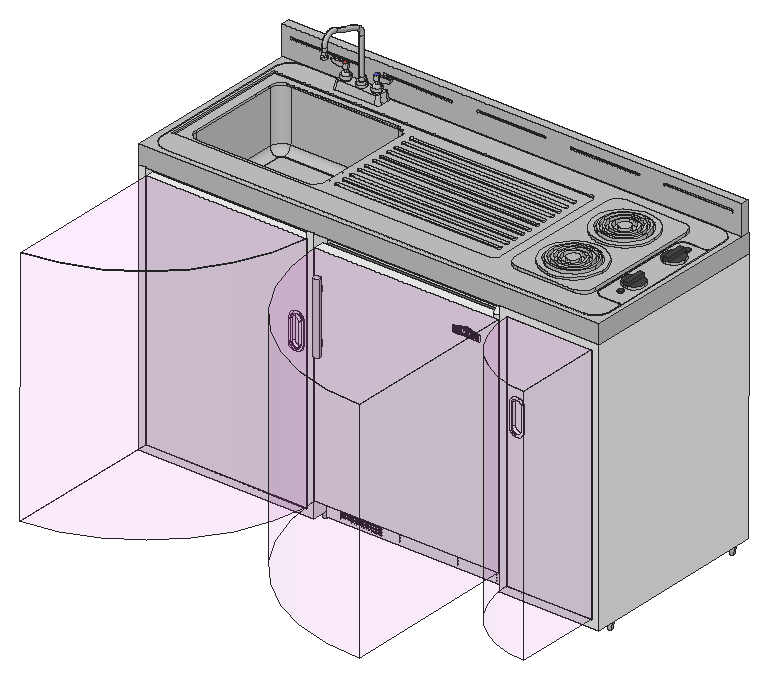
Revit family "QF_Summit_C60EL_Kitchenette", category Specialty Equipment, Revit 2020 (continued)
Automatic sketch dimensions
  Extrusion 24 sketch curve to Extrusion 24 sketch curve = 1/2"  (x2)
  Extrusion 24 sketch curve to Extrusion 24 sketch curve = 2"
  Extrusion 24 sketch curve to plane 14 = 2"
  Extrusion 24 sketch curve to Extrusion 24 sketch curve = 0.58831"
  Extrusion 24 sketch curve to Extrusion 24 sketch curve = 2.08831"
  Extrusion 24 sketch curve to Extrusion 24 sketch curve = 1"
  Extrusion 24 sketch curve to Extrusion 24 sketch curve = 1.83831"
  Extrusion 24 sketch curve to Extrusion 24 sketch curve = 1.90347"
  Extrusion 24 sketch curve to plane 5 "FRONT" = 5.59658"
  Extrusion 24 sketch curve to Extrusion 24 sketch curve = 1.84658"
  Revolve 25 sketch curve to plane 11 = 0"
  Revolve 25 sketch curve to level = 0"  (x2)
  plane 17 to Revolve 25 sketch curve = 7/16"
  plane 17 to Revolve 25 sketch curve = 0.21726"
  plane 17 to Revolve 25 sketch curve = 0.05784"
  Revolve 25 sketch curve to Revolve 25 sketch curve = 0"
  Revolve 25 sketch curve to Revolve 25 sketch curve = 0.28903"
  Revolve 26 sketch curve to plane 11 = 0"
  Revolve 26 sketch curve to level = 0"  (x2)
  plane 17 to Revolve 26 sketch curve = 7/16"
  plane 17 to Revolve 26 sketch curve = 0.21726"
  plane 17 to Revolve 26 sketch curve = 0.05784"
  Revolve 26 sketch curve to Revolve 26 sketch curve = 0"
  Revolve 26 sketch curve to Revolve 26 sketch curve = 0.28903"
  Extrusion 30 sketch curve to Extrusion 23 = 1.75587"  (x2)
  Extrusion 30 sketch curve to Extrusion 23 = 3.36192"
  Extrusion 30 sketch curve to Extrusion 23 = 4.16881"
  Extrusion 31 sketch curve to Extrusion 31 sketch curve = 17/64"  (x2)
  Extrusion 31 sketch curve to Extrusion 31 sketch curve = 17/32"  (x2)
  Extrusion 32 sketch curve to Extrusion 23 = 1.76899"  (x2)
  Extrusion 32 sketch curve to Extrusion 23 = 1.24515"
  Extrusion 32 sketch curve to Extrusion 23 = 2.05204"
  Extrusion 33 sketch curve to Extrusion 13 = 0"  (x3)
  Extrusion 33 sketch curve to Extrusion 33 sketch curve = 20 1/4"
  Extrusion 13 to Extrusion 33 sketch curve = 1.03831"
  Extrusion 34 sketch curve to Extrusion 11 = 0"
  Extrusion 11 to Extrusion 34 sketch curve = 7/8"
  Extrusion 35 sketch curve to Extrusion 11 = 0"
  Extrusion 11 to Extrusion 35 sketch curve = 46 3/8"
  Extrusion 11 to Extrusion 35 sketch curve = 7/8"
  Extrusion 35 sketch curve to Extrusion 35 sketch curve = 11"
  Extrusion 11 to Extrusion 36 sketch curve = 15/16"  (x2)
  Extrusion 11 to Extrusion 36 sketch curve = 46 7/16"
  Extrusion 36 sketch curve to Extrusion 36 sketch curve = 10 7/8"
  Extrusion 11 to Extrusion 37 sketch curve = 10.6214"
  Extrusion 11 to Extrusion 37 sketch curve = 47.07361"
  Extrusion 37 sketch curve to Extrusion 37 sketch curve = 0.66086"
  Extrusion 37 sketch curve to Extrusion 37 sketch curve = 2.74721"
  Extrusion 38 sketch curve to Extrusion 38 sketch curve = 0"  (x4)
  Extrusion 11 to Extrusion 38 sketch curve = 13.36861"
  Extrusion 11 to Extrusion 38 sketch curve = 46.82361"
  Extrusion 38 sketch curve to Extrusion 38 sketch curve = 1/4"
  Extrusion 38 sketch curve to Extrusion 38 sketch curve = 0.66086"
  Extrusion 38 sketch curve to Extrusion 38 sketch curve = 2.74721"
  Revolve 39 sketch curve to plane 11 = 0"
  Revolve 39 sketch curve to level = 0"  (x2)
  plane 4 "RIGHT" to Revolve 39 sketch curve = 7/16"
  plane 4 "RIGHT" to Revolve 39 sketch curve = 0.21726"
  plane 4 "RIGHT" to Revolve 39 sketch curve = 0.05784"
  Revolve 39 sketch curve to Revolve 39 sketch curve = 0"
  Revolve 39 sketch curve to Revolve 39 sketch curve = 0.28903"
  Revolve 40 sketch curve to plane 11 = 0"
  Revolve 40 sketch curve to level = 0"  (x2)
  plane 4 "RIGHT" to Revolve 40 sketch curve = 7/16"
  plane 4 "RIGHT" to Revolve 40 sketch curve = 0.21726"
  plane 4 "RIGHT" to Revolve 40 sketch curve = 0.05784"
  Revolve 40 sketch curve to Revolve 40 sketch curve = 0"
  Revolve 40 sketch curve to Revolve 40 sketch curve = 0.28903"
  Extrusion 41 sketch curve to Extrusion 36 = 0"  (x3)
  curve 12 to curve 20 = 0"  (x2)
  curve 14 to curve 26 = 0"  (x2)
  curve 16 to curve 24 = 0"  (x2)
  curve 18 to curve 22 = 0"  (x2)
  curve 102 to curve 104 = 0"  (x2)
  curve 102 to curve 106 = 0"  (x2)
  curve 102 to curve 108 = 0"  (x2)
  curve 102 to curve 110 = 0"  (x2)
  curve 102 to curve 112 = 0"  (x2)
  curve 102 to curve 114 = 0"  (x2)
  curve 102 to curve 116 = 0"  (x2)
  curve 102 to curve 118 = 0"  (x2)
  curve 120 to curve 122 = 0"  (x2)
  curve 120 to curve 124 = 0"  (x2)
  curve 120 to curve 126 = 0"
  curve 120 to curve 128 = 0"  (x2)
  curve 120 to curve 130 = 0"  (x2)
  curve 120 to curve 132 = 0"  (x2)
  curve 120 to curve 134 = 0"  (x2)
  curve 120 to curve 136 = 0"  (x2)
  curve 122 to curve 126 = 0"
  curve 4 to plane 3 "LEFT" = 0"
  plane 5 "FRONT" to curve 65 = 0"
  curve 7 to plane 14 = 0"
  plane 1 "BACK" to curve 2 = 0"
  curve 2 to plane 4 "RIGHT" = 0"
  curve 66 to plane 3 "LEFT" = 0.69216"
  plane 3 "LEFT" to curve 8 = 3/4"
  curve 8 to curve 10 = 0.45523"
  plane 3 "LEFT" to curve 13 = 2.48357"
  curve 6 to plane 5 "FRONT" = 3/4"
  plane 3 "LEFT" to curve 6 = 2 3/4"
  curve 9 to curve 7 = 1.54477"
  curve 12 to curve 27 = 1"
  curve 26 to curve 14 = 1/2"
  curve 20 to curve 21 = 1/2"
  curve 29 to plane 8 "Center X" = 1/16"
  curve 12 to curve 29 = 6 7/8"
  plane 17 to curve 22 = 4.76643"
  plane 17 to curve 16 = 4.76643"
  plane 17 to curve 65 = 4.3311"
  curve 16 to curve 23 = 1/2"
  curve 16 to curve 32 = 1.18557"
  curve 33 to curve 32 = 0"
  plane 17 to curve 56 = 2.08086"
  curve 36 to curve 34 = 0"
  curve 39 to curve 38 = 0"
  curve 58 to curve 55 = 0"
  curve 42 to curve 40 = 0"
  curve 62 to curve 58 = 0"
  curve 45 to curve 43 = 0"
  curve 48 to curve 46 = 0"
  curve 51 to curve 49 = 0"
  plane 18 to curve 57 = 5.09842"
  curve 56 to curve 76 = 0"
  curve 53 to curve 54 = 0"
  curve 60 to curve 59 = 0"
  curve 50 to curve 74 = 0"
  plane 8 "Center X" to curve 47 = 0.12506"
  curve 47 to curve 73 = 0"
  curve 44 to curve 72 = 0"
  curve 41 to curve 42 = 0"
  curve 38 to curve 70 = 0"
  curve 35 to curve 69 = 0"
  curve 31 to curve 68 = 0"
  curve 62 to curve 80 = 0.55365"
  curve 67 to curve 150 = 0.55365"
  curve 78 to curve 79 = 1"
  curve 79 to curve 101 = 1.44874"
  plane 18 to curve 99 = 0.59603"
  plane 18 to curve 94 = 0.59603"
  curve 130 to plane 18 = 3.01214"
  curve 117 to plane 18 = 3.01214"
  curve 95 to plane 14 = 1.8393"
  curve 98 to curve 97 = 1 1/2"
  curve 96 to curve 88 = 1/4"
  curve 88 to curve 87 = 1"
  curve 89 to curve 90 = 1"
  curve 89 to curve 138 = 0.81931"
  curve 87 to curve 145 = 0.81931"
  plane 5 "FRONT" to curve 65 = 9.94855"
  curve 66 to curve 8 = 0.71169"
  curve 82 to curve 99 = 0.84285"
  curve 5 to curve 9 = 1.08389"
  curve 82 to curve 85 = 1.34658"
  curve 19 to plane 5 "FRONT" = 4 1/2"
  curve 80 to curve 62 = 1.29117"
  curve 62 to curve 61 = 0.21452"
  curve 87 to curve 145 = 1.05204"
  curve 60 to curve 59 = 0.75847"
  curve 76 to curve 76 = 0.21452"
  curve 132 to plane 8 "Center X" = 3.9596"
  curve 57 to curve 56 = 0.75847"
  curve 56 to curve 55 = 0.21452"
  curve 144 to curve 146 = 2.11677"
  curve 54 to curve 53 = 0.82097"
  curve 53 to curve 52 = 0.21452"
  curve 74 to curve 50 = 0.69597"
  curve 50 to curve 49 = 0.21452"
  curve 47 to curve 46 = 0.21452"
  curve 72 to curve 44 = 0.69597"
  curve 44 to curve 43 = 0.21452"
  curve 42 to curve 41 = 0.75847"
  curve 41 to curve 40 = 0.21452"
  plane 8 "Center X" to curve 140 = 3.23461"
  curve 40 to curve 38 = 0.75847"
  curve 69 to curve 69 = 0.21452"
  plane 8 "Center X" to curve 119 = 4.3346"
  curve 37 to curve 35 = 0.75847"
  curve 68 to curve 68 = 0.21452"
  curve 140 to curve 138 = 2.11677"
  curve 138 to curve 88 = 0.24515"
  curve 34 to curve 23 = 0.63341"
  curve 27 to curve 7 = 3 1/8"
  curve 68 to curve 30 = 0.82097"
  curve 30 to curve 32 = 0.21452"
  curve 67 to curve 78 = 0.7173"
  curve 10 to curve 8 = 0.79111"
  curve 1 to curve 65 = 15/16"
  curve 64 to curve 28 = 0.1852"
  curve 10 to curve 64 = 0"
  curve 15 to curve 10 = 0"
  curve 10 to curve 150 = 5/8"
  curve 64 to curve 25 = 5/8"
  curve 15 to curve 63 = 5/8"
  curve 151 to plane 18 = 2.39447"
  plane 18 to curve 103 = 0.73786"
  plane 18 to curve 120 = 0.73786"
  plane 18 to curve 104 = 0.13198"
  plane 18 to curve 123 = 0.13198"
  curve 106 to plane 18 = 0.17062"
  curve 125 to plane 18 = 0.17062"
  curve 106 to curve 108 = 0.19427"
  curve 124 to curve 127 = 0.19427"
  curve 126 to curve 129 = 0.39726"
  curve 108 to curve 111 = 0.39726"
  curve 110 to curve 112 = 1/4"
  curve 128 to curve 130 = 1/4"
  curve 112 to curve 114 = 0.4162"
  curve 130 to curve 132 = 0.4162"
  curve 114 to curve 116 = 0.23743"
  curve 132 to curve 135 = 0.23743"
  curve 116 to curve 119 = 0.59637"
  curve 134 to curve 136 = 0.59637"
  curve 146 to curve 146 = 1.31391"
  curve 141 to curve 140 = 1.31391"
  curve 138 to curve 138 = 0.34597"
  curve 145 to curve 144 = 0.34597"
  curve 149 to curve 146 = 17/64"
  curve 139 to curve 143 = 0.09346"
  curve 149 to curve 148 = 17/32"
  curve 143 to curve 142 = 17/32"
  curve 28 to curve 28 = 1"
  curve 152 to plane 18 = 15/16"
  curve 99 to curve 120 = 0.10045"
  curve 95 to curve 96 = 1 1/2"
  curve 87 to curve 82 = 0.58831"
  curve 96 to curve 93 = 1.83831"
  curve 140 to curve 142 = 17/64"
  curve 144 to curve 147 = 0.01312"
  plane 4 "RIGHT" to curve 86 = 1 1/4"
  plane 4 "RIGHT" to curve 92 = 1 1/4"
  plane 4 "RIGHT" to curve 152 = 15/16"
  plane 4 "RIGHT" to curve 91 = 3/4"
  curve 151 to curve 152 = 0"
  plane 1 "BACK" to Extrusion 11 sketch curve = 0"  (x2)
  Extrusion 11 sketch curve to plane 4 "RIGHT" = 0"
  plane 5 "FRONT" to Extrusion 11 sketch curve = 0"  (x4)
  Extrusion 11 sketch curve to plane 18 = 0"
  Extrusion 11 sketch curve to plane 17 = 0"
  Extrusion 11 sketch curve to plane 3 "LEFT" = 0"
  plane 14 to Extrusion 11 sketch curve = 1/8"  (x2)
  plane 4 "RIGHT" to Extrusion 11 sketch curve = 7/8"
  Extrusion 11 sketch curve to plane 18 = 7/8"
  Extrusion 11 sketch curve to Extrusion 11 sketch curve = 7/8"
  plane 3 "LEFT" to Extrusion 11 sketch curve = 7/8"
  Extrusion 11 to Extrusion 34 sketch curve = 36 5/8"
  Extrusion 34 sketch curve to Extrusion 34 sketch curve = 11"
  Extrusion 42 sketch curve to Extrusion 11 = 0"  (x4)
  Extrusion 42 sketch curve to Extrusion 42 sketch curve = 23 7/8"
  Extrusion 11 to Extrusion 42 sketch curve = 4 3/4"  (x2)
  Extrusion 42 sketch curve to Extrusion 42 sketch curve = 0"
  radius of Extrusion 2 sketch curve = 3 3/4"  (x2)
  radius of Extrusion 2 sketch curve = 3.14413"  (x2)
  radius of Extrusion 3 sketch curve to Extrusion 2 = 0.3026"  (x2)
  radius of Extrusion 3 sketch curve to Extrusion 2 = 0.49687"  (x2)
  radius of Extrusion 3 sketch curve to Extrusion 2 = 0.89413"  (x2)
  radius of Extrusion 3 sketch curve to Extrusion 2 = 1.14413"  (x2)
  radius of Extrusion 3 sketch curve to Extrusion 2 = 1.56032"  (x2)
  radius of Extrusion 3 sketch curve to Extrusion 2 = 1.79775"  (x2)
  radius of Extrusion 3 sketch curve to Extrusion 2 = 2.39413"  (x2)
  radius of Extrusion 28 sketch curve = 3 3/4"  (x2)
  radius of Extrusion 28 sketch curve = 3.14413"  (x2)
  radius of Extrusion 29 sketch curve to Extrusion 28 = 0.3026"  (x2)
  radius of Extrusion 29 sketch curve to Extrusion 28 = 0.49687"  (x2)
  radius of Extrusion 29 sketch curve to Extrusion 28 = 0.89413"  (x2)
  radius of Extrusion 29 sketch curve to Extrusion 28 = 1.14413"  (x2)
  radius of Extrusion 29 sketch curve to Extrusion 28 = 1.56032"  (x2)
  radius of Extrusion 29 sketch curve to Extrusion 28 = 1.79775"  (x2)
  radius of Extrusion 29 sketch curve to Extrusion 28 = 2.39413"  (x2)
  radius of Extrusion 16 sketch curve = 1/8"
  radius of Extrusion 21 sketch curve to Extrusion 6 = 0"  (x3)
  radius of Extrusion 22 sketch curve = 1"
  radius of Extrusion 30 sketch curve = 1.31391"  (x2)
  radius of Extrusion 31 sketch curve to Extrusion 30 = 0"  (x4)
  radius of Extrusion 32 sketch curve = 0.34597"  (x2)
Nested families (in)
  nested 1: "CG_FISHER_TYPE 4" at (8, -1, 36.25), type "CG_FISHER_TYPE 4"
    with Type Mark "", Specification by User "", Revision Code "", Item Number "", Installed By "", Identify Quantity as Lot yes, Furnished By "", Foodservice Equipment Identifier yes
  nested 2: "Summit_CT661W" at (22.625, -0.25, 0), Left Hinged Door <- "Show LHD", type "Summit_CT661W"
    with Show Clearance yes, Right Hinged Door yes, Left Hinged Door no
Connectors (in)
  electrical at (57.12984, 0.25, 3.03956), driven by "Volts", driven by "Watts"
    settings: on Extrusion 16, index 3, voltage 115 V, apparent load 2875 VA, apparent load phase1 0 VA, apparent load phase2 0 VA, apparent load phase3 0 VA, power factor 1, load classification "Other", number of poles 1, system type 30, power factor state 1, is connector primary yes, connector utility no, sub classification motor no, connector description ""
Definition of nested family "CG_FISHER_TYPE 4"
  Parameters (values of type "CG_FISHER_TYPE 4")
    Weight = ""
    URL Manufacturer = ""
    URL Cutsheet = ""
    URL = ""
    Type Mark [instance] = ""
    Specification by User [instance] = ""
    Specification by Manufacturer = ""
    Serial Number = ""
    Seismic Rating = ""
    SMACNA No = ""
    Revision Code [instance] = ""
    Omniclass Number and Title = ""
    NAFEM Spec ID Number = ""
    Model = ""
    MasterSpec. = ""
    Manufacturer = ""
    Item Number [instance] = ""
    Installed By [instance] = ""
    Identify Quantity as Lot [instance] = yes
    Furnished By [instance] = ""
    Foodservice Equipment Identifier [instance] = yes
    Default Elevation = 0"
    CSI MasterFormat = ""
    CSI Master Format = ""
  Reference planes (in)
    plane 1 "BACK": y = 0
    plane 2: z = 0
    plane 3 "LEFT": x = 0
    plane 4 "RIGHT": x = 6
    plane 5 "FRONT": y = -2
    plane 6 "TOP": z = 9.5
    plane 7: x = 3
    plane 8: x = 1
    plane 9: x = 5
    plane 10: z = 6.75
    plane 11: y = -1
    plane 12: y = -7
  Forms (in)
    Blend 1, solid
      base sketch origin (0, 0, 0) x (1, 0, 0) y (0, 1, 0)
        loop
          arc (0.5, 0) -> (0.14645, -0.14645) -> (0, -0.5) r 0.5
          line (0, -0.5) -> (0, -1.5)
          arc (0, -1.5) -> (0.14645, -1.85355) -> (0.5, -2) r 0.5
          line (0.5, -2) -> (5.5, -2)
          arc (5.5, -2) -> (5.85355, -1.85355) -> (6, -1.5) r 0.5
          line (6, -1.5) -> (6, -0.5)
          arc (6, -0.5) -> (5.85355, -0.14645) -> (5.5, 0) r 0.5
          line (5.5, 0) -> (0.5, 0)
      top sketch origin (0, 0, 0) x (1, 0, 0) y (0, 1, 0)
        loop
          line (5.5, -0.25) -> (0.5, -0.25)
          arc (0.5, -0.25) -> (0.32322, -0.32322) -> (0.25, -0.5) r 0.25
          line (0.25, -0.5) -> (0.25, -1.5)
          arc (0.25, -1.5) -> (0.32322, -1.67678) -> (0.5, -1.75) r 0.25
          line (0.5, -1.75) -> (5.5, -1.75)
          arc (5.5, -1.75) -> (5.67678, -1.67678) -> (5.75, -1.5) r 0.25
          line (5.75, -1.5) -> (5.75, -0.5)
          arc (5.75, -0.5) -> (5.67678, -0.32322) -> (5.5, -0.25) r 0.25
      from 0 to 1
    Extrusion 2, solid
      sketch origin (0, -0.09496, -3.5) x (1, 0, 0) y (0, 0, 1)
        loop
          line (4.82421, 6.36488) -> (4.82421, 5.7908) -> (5.75768, 5.80403) -> (6.42048, 5.89366)
          arc (6.42048, 5.89366) -> (6.70947, 6.05462) -> (6.82421, 6.36488) r 0.47687
          line (6.82421, 6.36488) -> (4.82421, 6.36488)
      from 0.77919 to 1.02919
    Revolve 3, solid
      sketch origin (-4.03517, -1, 0) x (1, 0, 0) y (0, 0, 1)
        loop
          line (5.03934, 1) -> (5.03934, 3.02505)
          arc (5.03934, 3.02505) -> (4.87585, 2.98746) -> (4.76133, 2.86488) r 0.2869
          line (4.76133, 2.86488) -> (4.76133, 2.2908) -> (4.87917, 2.2908) -> (4.87917, 1.83261)
          arc (4.87917, 1.83261) -> (4.65407, 1.74222) -> (4.60414, 1.50485) r 0.25731
          line (4.60414, 1.50485) -> (4.45379, 1.50485) -> (4.45379, 1.1768) -> (4.53934, 1.1768) -> (4.53934, 1) -> (5.03934, 1)
        axis (5.03934, 1) -> (5.03934, 3.02505)
      angle from 0 to 360
    Revolve 4, solid
      sketch origin (10.03517, -0.99916, 0) x (-1, 0, 0) y (0, 0, -1)
        loop
          line (5.03934, -1) -> (4.53934, -1) -> (4.53934, -1.1768) -> (4.45379, -1.1768) -> (4.45379, -1.50485) -> (4.60414, -1.50485)
          arc (4.60414, -1.50485) -> (4.65407, -1.74222) -> (4.87917, -1.83261) r 0.25731
          line (4.87917, -1.83261) -> (4.87917, -2.2908) -> (4.76133, -2.2908) -> (4.76133, -2.86488)
          arc (4.76133, -2.86488) -> (4.87585, -2.98746) -> (5.03934, -3.02505) r 0.2869
          line (5.03934, -3.02505) -> (5.03934, -1)
        axis (5.03934, -1) -> (5.03934, -3.02505)
      angle from 0 to 360
    Extrusion 5, solid
      sketch origin (6, -0.09496, -3.5) x (-1, 0, 0) y (0, 0, -1)
        loop
          line (4.82421, -6.36488) -> (6.82421, -6.36488)
          arc (6.82421, -6.36488) -> (6.70947, -6.05462) -> (6.42048, -5.89366) r 0.47687
          line (6.42048, -5.89366) -> (5.75768, -5.80403) -> (4.82421, -5.7908) -> (4.82421, -6.36488)
      from 0.77919 to 1.02919
    Revolve 6, solid
      sketch origin (0, -7, 0) x (1, 0, 0) y (0, 0, 1)
        loop
          line (3, 7.59291) -> (2.75, 7.59291) -> (2.75, 7.16874) -> (2.625, 6.95223) -> (2.625, 6.75) -> (3, 6.75) -> (3, 7.59291)
        axis (3, 6.75) -> (3, 7.59291)
      angle from 0 to 360
    Sweep 7, solid
      path origin (3, 0, 0) x (0, 1, 0) y (0, 0, 1)
        loop
          line (-7, 7.59291) -> (-7, 8.04139)
          arc (-7, 8.04139) -> (-6.46697, 9.06533) -> (-5.32247, 9.21601) r 1.25
          line (-5.32247, 9.21601) -> (-1.75198, 7.91645)
          arc (-1.75198, 7.91645) -> (-1.20668, 7.49803) -> (-1, 6.84252) r 1.14286
          line (-1, 6.84252) -> (-1, 2)
      profile origin (3, -7, 7.81715) x (0, -1, 0) y (1, 0, 0)
        loop
          circle (0, 0) r 0.25
    Revolve 8, solid
      sketch origin (8.03517, -0.9375, -3.5) x (-1, 0, 0) y (0, 0, -1)
        loop
          line (5.03934, -4.5) -> (4.40363, -4.5) -> (4.40363, -4.67045) -> (4.50358, -4.67045) -> (4.50358, -5.02398) -> (4.68786, -5.13038) -> (4.68786, -5.5) -> (5.03934, -5.5) -> (5.03934, -4.5)
        axis (5.03934, -4.5) -> (5.03934, -5.5)
      angle from 0 to 360
  Cuts and joins
    joined: Revolve 6, Sweep 7
  Lines and regions (in)
    symbolic lines
      curve 1: line (2.67337, -7.08919, 0) -> (2.67337, -1, 0)
      curve 2: line (3.29837, -7.08919, 0) -> (3.29837, -1, 0)
      curve 3: arc (3.29837, -1, 0) -> (2.98587, -0.6875, 0) -> (2.67337, -1, 0) r 0.3125
      curve 4: arc (3.29837, -1.40113, 0) -> (2.98587, -0.49151, 0) -> (2.67337, -1.40113, 0) r 0.50849
      curve 5: arc (3.29837, -1.5749, 0) -> (3.01791, -0.35019, 0) -> (2.67337, -1.55844, 0) r 0.6486
      curve 6: line (4.38304, -0.63916, 0) -> (5.00804, -0.27831, 0)
      curve 7: line (5.00804, -0.27831, 0) -> (5.63304, -0.63916, 0)
      curve 8: line (5.63304, -0.63916, 0) -> (5.63304, -1.26764, 0)
      curve 9: line (4.38304, -1.36084, 0) -> (4.38304, -0.63916, 0)
      curve 10: line (5.00804, -1.72169, 0) -> (4.38304, -1.36084, 0)
      curve 11: line (5.23435, -1.59103, 0) -> (5.00804, -1.72169, 0)
      curve 12: arc (5.53526, -1.17341, 0) -> (4.61465, -0.60851, 0) -> (5.18402, -1.52636, 0) r 0.555
      curve 13: arc (5.28147, -0.74178, 0) -> (4.74077, -0.73099, 0) -> (4.75156, -1.27169, 0) r 0.375
      curve 14: arc (4.75156, -1.27169, 0) -> (4.84744, -1.34648, 0) -> (4.96221, -1.38665, 0) r 0.375
      curve 15: arc (5.23435, -1.59103, 0) -> (5.11621, -1.46497, 0) -> (4.96221, -1.38665, 0) r 0.5
      curve 16: line (5.22231, -1.58455, 0) -> (6.43111, -2.61867, 0)
      curve 17: arc (6.43111, -2.61867, 0) -> (6.60796, -2.59971, 0) -> (6.62691, -2.42286, 0) r 0.14168
      curve 18: line (5.58934, -1.21683, 0) -> (6.62691, -2.42286, 0)
      curve 19: arc (5.39644, -0.95243, 0) -> (5.47064, -1.10086, 0) -> (5.58934, -1.21683, 0) r 0.5
      curve 20: arc (5.39644, -0.95243, 0) -> (5.35626, -0.83766, 0) -> (5.28147, -0.74178, 0) r 0.375
      curve 21: line (1.62658, -0.63916, 0) -> (1.00158, -0.27831, 0)
      curve 22: line (1.62658, -1.36084, 0) -> (1.62658, -0.63916, 0)
      curve 23: line (1.00158, -1.72169, 0) -> (1.62658, -1.36084, 0)
      curve 24: line (0.77192, -1.58909, 0) -> (1.00158, -1.72169, 0)
      curve 25: line (0.77192, -1.58909, 0) -> (-0.42292, -2.61705, 0)
      curve 26: arc (-0.61721, -2.42277, 0) -> (-0.59834, -2.59818, 0) -> (-0.42292, -2.61705, 0) r 0.1406
      curve 27: line (0.42029, -1.21683, 0) -> (-0.61721, -2.42277, 0)
      curve 28: arc (0.42029, -1.21683, 0) -> (0.53899, -1.10086, 0) -> (0.61319, -0.95243, 0) r 0.5
      curve 29: arc (1.04741, -1.38665, 0) -> (0.89898, -1.46086, 0) -> (0.78301, -1.57955, 0) r 0.5
      curve 30: arc (1.04741, -1.38665, 0) -> (1.16218, -1.34648, 0) -> (1.25806, -1.27169, 0) r 0.375
      curve 31: arc (1.25806, -1.27169, 0) -> (1.26885, -0.73099, 0) -> (0.72816, -0.74178, 0) r 0.375
      curve 32: arc (0.72816, -0.74178, 0) -> (0.65337, -0.83766, 0) -> (0.61319, -0.95243, 0) r 0.375
      curve 33: circle (1.00158, -1, 0) r 0.225 normal (0, 0, 1)
      curve 34: line (1.00158, -0.27831, 0) -> (0.37658, -0.63916, 0)
      curve 35: line (0.37658, -0.63916, 0) -> (0.37658, -1.26764, 0)
      curve 36: arc (0.82561, -1.52636, 0) -> (1.39498, -0.60851, 0) -> (0.47437, -1.17341, 0) r 0.555
      curve 37: arc (2.67337, -6.68325, 0) -> (2.98587, -7.60148, 0) -> (3.29837, -6.68325, 0) r 0.51229
      curve 38: arc (2.67337, -7.08919, 0) -> (2.98587, -7.40169, 0) -> (3.29837, -7.08919, 0) r 0.3125
      curve 39: line (3.29837, -2, 0) -> (5.51871, -2, 0)
      curve 40: line (6, -1.5, 0) -> (6, -0.5, 0)
      curve 41: line (5.5, 0, 0) -> (0.5, 0, 0)
      curve 42: line (0, -0.5, 0) -> (0, -1.5, 0)
      curve 43: line (0.5, -2, 0) -> (2.67337, -2, 0)
      curve 44: line (0.58489, -1.75, 0) -> (2.67337, -1.75, 0)
      curve 45: line (3.29837, -1.75, 0) -> (5.41571, -1.75, 0)
      curve 46: line (0.5, -0.25, 0) -> (5.5, -0.25, 0)
      curve 47: arc (5.75, -0.5, 0) -> (5.67678, -0.32322, 0) -> (5.5, -0.25, 0) r 0.25
      curve 48: arc (0.5, -0.25, 0) -> (0.32322, -0.32322, 0) -> (0.25, -0.5, 0) r 0.25
      curve 49: line (0.25, -1.41477, 0) -> (0.25, -0.5, 0)
      curve 50: line (5.75, -0.5, 0) -> (5.75, -1.40358, 0)
      curve 51: line (0.05911, -1.63665, 0) -> (0, -1.5, 0)
      curve 52: line (0.5, -2, 0) -> (0.35546, -1.94739, 0)
      curve 53: line (5.64118, -1.94289, 0) -> (5.51871, -2, 0)
      curve 54: line (5.94504, -1.63028, 0) -> (6, -1.5, 0)
      curve 55: arc (5.5, 0, 0) -> (5.85355, -0.14645, 0) -> (6, -0.5, 0) r 0.5
      curve 56: arc (0, -0.5, 0) -> (0.14645, -0.14645, 0) -> (0.5, 0, 0) r 0.5
      curve 57: circle (4.99842, -1, 0) r 0.225 normal (0, 0, -1)
  Dimensions and locks (in)
    equal spacing: plane 4 "RIGHT", plane 7, plane 3 "LEFT"
    plane 6 "TOP" to plane 2 = 9 1/2"
    aligned and locked: level to plane 2
  Automatic sketch dimensions
    Blend 1 sketch curve to plane 3 "LEFT" = 0"
    plane 5 "FRONT" to Blend 1 sketch curve = 0"
    plane 1 "BACK" to Blend 1 sketch curve = 0"
    Blend 1 sketch curve to plane 4 "RIGHT" = 0"
    plane 3 "LEFT" to Blend 1 sketch curve = 1/2"  (x2)
    Blend 1 sketch curve to plane 4 "RIGHT" = 1/2"  (x3)
    plane 1 "BACK" to Blend 1 sketch curve = 1/2"  (x2)
    plane 3 "LEFT" to Blend 1 sketch curve = 1/4"
    Blend 1 sketch curve to Blend 1 sketch curve = 1/4"  (x3)
    Blend 1 sketch curve to plane 5 "FRONT" = 1/4"
    plane 9 to Extrusion 2 sketch curve = 45/256"
    Extrusion 2 sketch curve to plane 4 "RIGHT" = 0.24232"
    plane 4 "RIGHT" to Extrusion 2 sketch curve = 0.34735"
    plane 4 "RIGHT" to Extrusion 2 sketch curve = 0.42048"
    Extrusion 2 sketch curve to plane 10 = 3.88512"
    Extrusion 2 sketch curve to Extrusion 2 sketch curve = 0.47687"
    Extrusion 2 sketch curve to Extrusion 2 sketch curve = 0.08963"
    Extrusion 2 sketch curve to Extrusion 2 sketch curve = 0.57408"
    plane 8 to Extrusion 5 sketch curve = 45/256"
    plane 3 "LEFT" to Extrusion 5 sketch curve = 0.24232"
    Extrusion 5 sketch curve to plane 3 "LEFT" = 0.34735"
    Extrusion 5 sketch curve to plane 3 "LEFT" = 0.42048"
    Extrusion 5 sketch curve to plane 10 = 3.88512"
    Extrusion 5 sketch curve to Extrusion 5 sketch curve = 0.47687"
    Extrusion 5 sketch curve to Extrusion 5 sketch curve = 0.08963"
    Extrusion 5 sketch curve to Extrusion 5 sketch curve = 0.57408"
    Revolve 6 sketch curve to plane 10 = 0"
    plane 7 to Revolve 6 sketch curve = 0"  (x2)
    Revolve 6 sketch curve to Revolve 6 sketch curve = 1/4"
    Revolve 6 sketch curve to Revolve 6 sketch curve = 1/8"
    plane 10 to Revolve 6 sketch curve = 0.20223"
    Revolve 6 sketch curve to Revolve 6 sketch curve = 0.21651"
    Revolve 6 sketch curve to Revolve 6 sketch curve = 0.42418"
    Revolve 6 sketch curve to Revolve 6 sketch curve = 0.09934"
    Revolve 6 sketch curve to Revolve 6 sketch curve = 0.33586"
    plane 7 to Revolve 8 sketch curve = 0.63154"
    Revolve 8 sketch curve to Revolve 8 sketch curve = 0.09994"
    Revolve 8 sketch curve to Revolve 8 sketch curve = 0.18428"
    Revolve 8 sketch curve to plane 7 = 0.00417"  (x2)
    Revolve 8 sketch curve to plane 10 = 3.2092"
    Revolve 8 sketch curve to plane 10 = 4 3/4"
    Revolve 8 sketch curve to Revolve 8 sketch curve = 0.5408"
    Revolve 8 sketch curve to Revolve 8 sketch curve = 0.36962"
    Revolve 8 sketch curve to Revolve 8 sketch curve = 0.1064"
    Revolve 8 sketch curve to Revolve 8 sketch curve = 0.35353"
    Revolve 8 sketch curve to Revolve 8 sketch curve = 0.17045"
    Revolve 3 sketch curve to plane 8 = 0.0161"
    Revolve 3 sketch curve to plane 8 = 0.156"
    Revolve 3 sketch curve to plane 8 = 0.18399"
    Revolve 3 sketch curve to Revolve 3 sketch curve = 0.11783"
    Revolve 3 sketch curve to Revolve 3 sketch curve = 0.24704"
    Revolve 3 sketch curve to plane 8 = 0.49583"
    Revolve 3 sketch curve to Revolve 3 sketch curve = 0.08555"
    plane 8 to Revolve 3 sketch curve = 0.00417"  (x2)
    level to Revolve 3 sketch curve = 1"
    Revolve 3 sketch curve to Revolve 3 sketch curve = 0.1768"
    Revolve 3 sketch curve to Revolve 3 sketch curve = 0.32805"
    Revolve 3 sketch curve to Revolve 3 sketch curve = 0.07197"
    Revolve 3 sketch curve to Revolve 3 sketch curve = 0.45819"
    Revolve 3 sketch curve to Revolve 3 sketch curve = 1/4"
    Revolve 3 sketch curve to Revolve 3 sketch curve = 0.19807"
    Revolve 3 sketch curve to Revolve 3 sketch curve = 0.12601"
    plane 10 to Revolve 3 sketch curve = 0.2908"
    Revolve 4 sketch curve to plane 9 = 0.0161"
    Revolve 4 sketch curve to plane 9 = 0.156"
    Revolve 4 sketch curve to plane 9 = 0.18399"
    Revolve 4 sketch curve to plane 9 = 0.27384"
    Revolve 4 sketch curve to Revolve 4 sketch curve = 0.24704"
    Revolve 4 sketch curve to plane 9 = 0.49583"
    Revolve 4 sketch curve to Revolve 4 sketch curve = 0.08555"
    plane 9 to Revolve 4 sketch curve = 0.00417"  (x2)
    level to Revolve 4 sketch curve = 1"
    Revolve 4 sketch curve to Revolve 4 sketch curve = 0.1768"
    Revolve 4 sketch curve to Revolve 4 sketch curve = 0.32805"
    Revolve 4 sketch curve to Revolve 4 sketch curve = 0.07197"
    Revolve 4 sketch curve to Revolve 4 sketch curve = 0.45819"
    Revolve 4 sketch curve to Revolve 4 sketch curve = 1/4"
    Revolve 4 sketch curve to Revolve 4 sketch curve = 0.19807"
    Revolve 4 sketch curve to Revolve 4 sketch curve = 0.12601"
    plane 10 to Revolve 4 sketch curve = 0.2908"
    curve 3 to curve 4 = 0"  (x2)
    curve 30 to curve 32 = 0"  (x2)
    curve 33 to curve 36 = 0"  (x2)
    curve 37 to curve 38 = 0"  (x2)
    curve 47 to curve 55 = 0"  (x2)
    curve 48 to curve 56 = 0"  (x2)
    curve 42 to plane 3 "LEFT" = 0"
    plane 5 "FRONT" to curve 43 = 0"
    plane 1 "BACK" to curve 56 = 0"
    curve 36 to plane 11 = 0"
    curve 3 to plane 11 = 0"
    plane 5 "FRONT" to curve 39 = 0"
    curve 57 to plane 11 = 0"
    curve 12 to plane 11 = 0"
    curve 54 to plane 4 "RIGHT" = 0"
    curve 26 to plane 3 "LEFT" = 0.42292"
    curve 26 to curve 25 = 0.07599"
    curve 27 to curve 26 = 0.11829"
    plane 3 "LEFT" to curve 51 = 0.05911"
    plane 3 "LEFT" to curve 28 = 0.13506"
    curve 56 to curve 49 = 1/4"
    curve 52 to plane 5 "FRONT" = 0.05261"
    plane 3 "LEFT" to curve 52 = 91/256"
    curve 49 to curve 35 = 0.12658"
    curve 35 to curve 28 = 0.04371"
    curve 28 to curve 36 = 0.05408"
    curve 52 to curve 43 = 37/256"
    curve 48 to curve 46 = 1/4"
    curve 43 to curve 44 = 0.08489"
    plane 11 to curve 28 = 0.04757"
    curve 36 to curve 28 = 0.13882"
    curve 28 to curve 32 = 0.11497"
    curve 24 to plane 8 = 0.22808"
    curve 24 to curve 29 = 0.01109"
    curve 29 to curve 36 = 0.0426"
    curve 32 to plane 8 = 0.01747"
    plane 8 to curve 36 = 0.00158"
    plane 8 to curve 21 = 0.00158"
    plane 8 to curve 23 = 0.00158"
    plane 8 to curve 31 = 0.00369"
    plane 8 to curve 30 = 0.04741"
    plane 8 to curve 29 = 0.19367"
    curve 29 to curve 31 = 0.21065"
    plane 8 to curve 22 = 0.62658"
    curve 1 to plane 12 = 0.08919"
    curve 1 to plane 7 = 0.32663"
    curve 37 to plane 7 = 0.01413"
    plane 7 to curve 5 = 0.00083"
    plane 9 to curve 6 = 0.61696"
    plane 9 to curve 13 = 0.24844"
    plane 9 to curve 15 = 0.18405"
    plane 9 to curve 15 = 0.03779"
    plane 9 to curve 57 = 0.00158"
    plane 11 to curve 13 = 0.00384"
    curve 13 to plane 9 = 0.00594"
    curve 11 to plane 9 = 0.00804"
    curve 7 to plane 9 = 0.00804"
    curve 13 to curve 12 = 0.00211"
    curve 12 to curve 20 = 0.01905"
    curve 20 to curve 14 = 0"
    curve 12 to plane 9 = 0.18402"
    curve 12 to curve 16 = 0.0383"
    curve 16 to curve 15 = 0.01204"
    curve 13 to plane 9 = 0.28147"
    plane 11 to curve 19 = 0.04757"
    curve 13 to curve 19 = 0.11497"
    curve 11 to curve 45 = 0.18136"
    curve 41 to plane 4 "RIGHT" = 1/2"
    curve 45 to curve 39 = 0.103"
    curve 12 to plane 11 = 0.17341"
    curve 20 to curve 12 = 0.13882"
    curve 12 to curve 19 = 0.05408"
    curve 18 to curve 8 = 0.04371"
    curve 53 to plane 5 "FRONT" = 0.05711"
    curve 39 to curve 53 = 0.12247"
    curve 19 to plane 4 "RIGHT" = 0.12544"
    curve 54 to plane 4 "RIGHT" = 0.05496"
    plane 4 "RIGHT" to curve 17 = 0.43111"
    curve 16 to curve 17 = 0.07667"
    curve 17 to curve 18 = 0.11914"
    plane 12 to curve 37 = 0.31675"
    plane 5 "FRONT" to curve 17 = 0.61867"
    plane 5 "FRONT" to curve 26 = 0.61705"
    curve 17 to curve 17 = 0.11914"
    curve 25 to curve 26 = 0.11829"
    curve 15 to plane 5 "FRONT" = 0.13522"
    curve 29 to plane 5 "FRONT" = 0.13522"
    curve 29 to curve 24 = 0.14309"
    curve 15 to curve 10 = 0.14309"
    curve 52 to curve 51 = 0.31074"
    curve 45 to curve 5 = 0.1751"
    curve 44 to curve 5 = 0.19156"
    curve 51 to curve 51 = 0.13665"
    curve 54 to curve 54 = 0.13028"
    curve 5 to curve 4 = 0.15731"
    curve 9 to plane 11 = 0.36084"
    curve 22 to plane 11 = 0.36084"
    curve 29 to curve 30 = 0.11497"
    curve 14 to curve 13 = 0.11497"
    plane 11 to curve 21 = 0.36084"
    plane 11 to curve 6 = 0.36084"
    curve 8 to curve 47 = 0.13916"
    curve 34 to curve 48 = 0.13916"
    plane 1 "BACK" to curve 34 = 0.27831"
    plane 1 "BACK" to curve 7 = 0.27831"
    Sweep 7 sketch curve to profile plane = 0"  (x2)
    Sweep 7 sketch curve to plane 12 = 0"
    Sweep 7 sketch curve to plane 11 = 0"
    plane 12 to Sweep 7 sketch curve = 1 1/4"
    Sweep 7 sketch curve to plane 6 "TOP" = 0.28399"
    Sweep 7 sketch curve to Sweep 7 sketch curve = 0.42753"
    plane 5 "FRONT" to Sweep 7 sketch curve = 0.14286"
    Sweep 7 sketch curve to plane 5 "FRONT" = 0.24802"
    plane 10 to Sweep 7 sketch curve = 1.16645"
    Sweep 7 sketch curve to Sweep 7 sketch curve = 0.44847"
    level to Sweep 7 sketch curve = 2"
    radius of curve 33 = 0.225"
    radius of curve 57 = 0.225"
    radius of Sweep 7 sketch curve = 1/4"
Definition of nested family "Summit_CT661W"
  Parameters (values of type "Summit_CT661W")
    Show Clearance [instance] = yes
    Right Hinged Door [instance] = not(Left Hinged Door)  # yes
    Model = "CT661W"
    Manufacturer = "Summit"
    Length = 23 5/8"
    Left Hinged Door [instance] = no
    Height = 32 1/4"
    Description = "Refrigerator-Freezer"
    Depth = 23"
    Default Elevation = 0"
  Reference planes (in)
    plane 1: z = 0
    plane 2 "LEFT": x = 0
    plane 3 "RIGHT": x = 23.625
    plane 4 "FRONT": y = -23.75
    plane 5 "TOP": z = 32.25
    plane 6 "Center Y": x = 11.8125
    plane 7 "Center X": y = -12.25
    plane 8 "BACK": y = -0.75
    plane 9 "Base Heigth": z = 0.375
    plane 10: y = -46.125
    plane 11: z = 32.625
  Forms (in)
    Extrusion 1, solid
      sketch origin (0, 0, 0) x (1, 0, 0) y (0, 1, 0)
        loop
          line (0, -2) -> (0, -21.75) -> (23.625, -21.75) -> (23.625, -2) -> (0, -2)
      from 0.375 to 32.25
    Extrusion 2, solid
      sketch origin (0, 0, 1.125) x (-1, 0, 0) y (0, -1, 0)
        loop
          line (0, 22.5) -> (0, 23.75) -> (-23.625, 23.75) -> (-23.625, 22.5) -> (0, 22.5)
      from 1.9375 to 31.125
    Extrusion 3, solid
      sketch origin (0.125, -2, 0) x (1, 0, 0) y (0, 0, -1)
        loop
          circle (17.5, -1.375) r 0.25
      from 0 to 0.0625
    Extrusion 4, solid, visible <- "Right Hinged Door"
      sketch origin (0, 0, 32.25) x (1, 0, 0) y (0, 1, 0)
        loop
          line (23.40263, -19.21924) -> (20.90263, -19.21924)
          arc (20.90263, -19.21924) -> (20.79649, -19.27822) -> (20.79051, -19.39949) r 0.125
          line (20.79051, -19.39949) -> (22.81626, -23.51001)
          arc (22.81626, -23.51001) -> (23.23774, -23.70945) -> (23.52763, -23.34424) r 0.375
          line (23.52763, -23.34424) -> (23.52763, -19.34424)
          arc (23.52763, -19.34424) -> (23.49102, -19.25585) -> (23.40263, -19.21924) r 0.125
      from 0.375 to 0
    Revolve 5, solid
      sketch origin (0, -18.75, 0) x (1, 0, 0) y (0, 0, 1)
        loop
          line (20.625, 0.375) -> (20.625, 0) -> (21.125, 0) -> (21.125, 0.25) -> (20.78125, 0.25) -> (20.78125, 0.375) -> (20.625, 0.375)
        axis (20.625, 0) -> (20.625, 0.375)
      angle from 0 to 360
    Revolve 6, solid
      sketch origin (0, -5, 0) x (1, 0, 0) y (0, 0, 1)
        loop
          line (20.625, 0.375) -> (20.625, 0) -> (21.125, 0) -> (21.125, 0.25) -> (20.78125, 0.25) -> (20.78125, 0.375) -> (20.625, 0.375)
        axis (20.625, 0) -> (20.625, 0.375)
      angle from 0 to 360
    Extrusion 7, solid, visible <- "Right Hinged Door"
      sketch origin (0, 0, 0.375) x (-1, 0, 0) y (0, -1, 0)
        loop
          line (-23.625, 46.11391) -> (-23.625, 23.75) -> (0.00412, 23.75)
          arc (0.00412, 23.75) -> (-7.15509, 39.85068) -> (-23.625, 46.11391) r 22.92272
      from 2.6875 to 31.875
    Extrusion 8, solid
      sketch origin (23.5, -21.75, 0) x (-1, 0, 0) y (0, 0, -1)
        loop
          line (0.0625, -32.0625) -> (23.25, -32.0625) -> (23.25, -3.9375) -> (0.0625, -3.9375) -> (0.0625, -32.0625)
      from 0 to 0.75
    Extrusion 9, solid, visible <- "Right Hinged Door"
      sketch origin (0, 0, 32.25) x (-1, 0, 0) y (0, -1, 0)
        loop
          circle (-1.25, 25) r 0.375
      from -11.5 to -2.5
    Extrusion 10, solid, visible <- "Right Hinged Door"
      sketch origin (0, 0, 32.25) x (-1, 0, 0) y (0, -1, 0)
        loop
          line (-1.5, 24.72049) -> (-1.5, 24.56699)
          arc (-1.5, 24.56699) -> (-1.37941, 24.51704) -> (-1.25, 24.5) r 0.5
          arc (-1.25, 24.5) -> (-1.12181, 24.51671) -> (-1.00219, 24.56573) r 0.5
          arc (-1.00219, 24.56573) -> (-0.94801, 24.57877) -> (-0.89527, 24.56079) r 0.1
          line (-0.89527, 24.56079) -> (-0.04264, 23.96378)
          arc (-0.04264, 23.96378) -> (-0.0113, 23.92804) -> (0, 23.88186) r 0.1
          line (0, 23.88186) -> (0, 22.88186) -> (0.125, 22.88186) -> (0.125, 23.94693)
          arc (0.125, 23.94693) -> (0.1137, 23.99311) -> (0.08236, 24.02885) r 0.1
          line (0.08236, 24.02885) -> (-0.96185, 24.76001)
          arc (-0.96185, 24.76001) -> (-1.22254, 24.62601) -> (-1.5, 24.72049) r 0.375
      from -4.25 to -3.5
    Extrusion 11, solid, visible <- "Right Hinged Door"
      sketch origin (0, 0, 26) x (-1, 0, 0) y (0, -1, 0)
        loop
          line (-1.5, 24.72049) -> (-1.5, 24.56699)
          arc (-1.5, 24.56699) -> (-1.37941, 24.51704) -> (-1.25, 24.5) r 0.5
          arc (-1.25, 24.5) -> (-1.12181, 24.51671) -> (-1.00219, 24.56573) r 0.5
          arc (-1.00219, 24.56573) -> (-0.94801, 24.57877) -> (-0.89527, 24.56079) r 0.1
          line (-0.89527, 24.56079) -> (-0.04264, 23.96378)
          arc (-0.04264, 23.96378) -> (-0.0113, 23.92804) -> (0, 23.88186) r 0.1
          line (0, 23.88186) -> (0, 22.88186) -> (0.125, 22.88186) -> (0.125, 23.94693)
          arc (0.125, 23.94693) -> (0.1137, 23.99311) -> (0.08236, 24.02885) r 0.1
          line (0.08236, 24.02885) -> (-0.96185, 24.76001)
          arc (-0.96185, 24.76001) -> (-1.22254, 24.62601) -> (-1.5, 24.72049) r 0.375
      from -4.25 to -3.5
    Revolve 12, solid
      sketch origin (23.625, -18.75, 0) x (-1, 0, 0) y (0, 0, -1)
        loop
          line (20.625, -0.375) -> (20.78125, -0.375) -> (20.78125, -0.25) -> (21.125, -0.25) -> (21.125, 0) -> (20.625, 0) -> (20.625, -0.375)
        axis (20.625, 0) -> (20.625, -0.375)
      angle from 0 to 360
    Revolve 13, solid
      sketch origin (23.625, -5, 0) x (-1, 0, 0) y (0, 0, -1)
        loop
          line (20.625, -0.375) -> (20.78125, -0.375) -> (20.78125, -0.25) -> (21.125, -0.25) -> (21.125, 0) -> (20.625, 0) -> (20.625, -0.375)
        axis (20.625, 0) -> (20.625, -0.375)
      angle from 0 to 360
    Extrusion 14, solid
      sketch origin (23.5, -21.75, 0) x (-1, 0, 0) y (0, 0, -1)
        loop
          line (23.5, -2.8125) -> (23.5, -0.375) -> (-0.125, -0.375) -> (-0.125, -2.8125) -> (23.5, -2.8125)
        loop
          line (21.6875, -2.46875) -> (16.4375, -2.46875) -> (16.4375, -2.65625) -> (21.6875, -2.65625) -> (21.6875, -2.46875)
        loop
          line (21.6875, -2.125) -> (16.4375, -2.125) -> (16.4375, -2.3125) -> (21.6875, -2.3125) -> (21.6875, -2.125)
        loop
          line (16.4375, -1.96875) -> (21.6875, -1.96875) -> (21.6875, -1.78125) -> (16.4375, -1.78125) -> (16.4375, -1.96875)
        loop
          line (16.4375, -1.625) -> (21.6875, -1.625) -> (21.6875, -1.4375) -> (16.4375, -1.4375) -> (16.4375, -1.625)
        loop
          line (16.4375, -1.28125) -> (21.6875, -1.28125) -> (21.6875, -1.09375) -> (16.4375, -1.09375) -> (16.4375, -1.28125)
        loop
          line (16.4375, -0.9375) -> (21.6875, -0.9375) -> (21.6875, -0.75) -> (16.4375, -0.75) -> (16.4375, -0.9375)
        loop
          line (14.1875, -2.46875) -> (8.9375, -2.46875) -> (8.9375, -2.65625) -> (14.1875, -2.65625) -> (14.1875, -2.46875)
        loop
          line (8.9375, -2.3125) -> (14.1875, -2.3125) -> (14.1875, -2.125) -> (8.9375, -2.125) -> (8.9375, -2.3125)
        loop
          line (8.9375, -1.96875) -> (14.1875, -1.96875) -> (14.1875, -1.78125) -> (8.9375, -1.78125) -> (8.9375, -1.96875)
        loop
          line (8.9375, -1.625) -> (14.1875, -1.625) -> (14.1875, -1.4375) -> (8.9375, -1.4375) -> (8.9375, -1.625)
        loop
          line (8.9375, -1.28125) -> (14.1875, -1.28125) -> (14.1875, -1.09375) -> (8.9375, -1.09375) -> (8.9375, -1.28125)
        loop
          line (8.9375, -0.9375) -> (14.1875, -0.9375) -> (14.1875, -0.75) -> (8.9375, -0.75) -> (8.9375, -0.9375)
        loop
          line (6.6875, -2.65625) -> (6.6875, -2.46875) -> (1.4375, -2.46875) -> (1.4375, -2.65625) -> (6.6875, -2.65625)
        loop
          line (6.6875, -2.3125) -> (6.6875, -2.125) -> (1.4375, -2.125) -> (1.4375, -2.3125) -> (6.6875, -2.3125)
        loop
          line (6.6875, -1.96875) -> (6.6875, -1.78125) -> (1.4375, -1.78125) -> (1.4375, -1.96875) -> (6.6875, -1.96875)
        loop
          line (6.6875, -1.625) -> (6.6875, -1.4375) -> (1.4375, -1.4375) -> (1.4375, -1.625) -> (6.6875, -1.625)
        loop
          line (6.6875, -1.28125) -> (6.6875, -1.09375) -> (1.4375, -1.09375) -> (1.4375, -1.28125) -> (6.6875, -1.28125)
        loop
          line (6.6875, -0.9375) -> (6.6875, -0.75) -> (1.4375, -0.75) -> (1.4375, -0.9375) -> (6.6875, -0.9375)
      from 0 to 0.0625
    Extrusion 15, solid
      sketch origin (0, 0, 0.375) x (-1, 0, 0) y (0, -1, 0)
        loop
          line (-0.83946, 1.0625) -> (-1.58946, 1.0625) -> (-1.58946, 0.9375) -> (-0.71446, 0.9375) -> (-0.71446, 1.875) -> (0, 1.875) -> (0, 2) -> (-0.83946, 2) -> (-0.83946, 1.0625)
        loop
          line (-22.84804, 1.0625) -> (-22.84804, 2) -> (-23.625, 2) -> (-23.625, 1.875) -> (-22.97304, 1.875) -> (-22.97304, 0.9375) -> (-22.09804, 0.9375) -> (-22.09804, 1.0625) -> (-22.84804, 1.0625)
      from 3.625 to 31.875
    Extrusion 16, solid
      sketch origin (22.09804, -0.9375, 0.375) x (1, 0, 0) y (0, 0, -1)
        loop
          line (-21.03554, -31.875) -> (0.51871, -31.875) -> (0.51871, -3.625) -> (-21.03554, -3.625) -> (-21.03554, -31.875)
      from 0 to 0.1875
    Extrusion 17, solid, visible <- "Left Hinged Door"
      sketch origin (23.625, 0, 32.25) x (-1, 0, 0) y (0, -1, 0)
        loop
          arc (23.40263, 19.21924) -> (23.49102, 19.25585) -> (23.52763, 19.34424) r 0.125
          line (23.52763, 19.34424) -> (23.52763, 23.34424)
          arc (23.52763, 23.34424) -> (23.23774, 23.70945) -> (22.81626, 23.51001) r 0.375
          line (22.81626, 23.51001) -> (20.79051, 19.39949)
          arc (20.79051, 19.39949) -> (20.79649, 19.27822) -> (20.90263, 19.21924) r 0.125
          line (20.90263, 19.21924) -> (23.40263, 19.21924)
      from 0.375 to 0
    Extrusion 18, solid, visible <- "Left Hinged Door"
      sketch origin (23.625, 0, 0.375) x (1, 0, 0) y (0, 1, 0)
        loop
          arc (-23.625, -46.11391) -> (-7.15509, -39.85068) -> (0.00412, -23.75) r 22.92272
          line (0.00412, -23.75) -> (-23.625, -23.75) -> (-23.625, -46.11391)
      from 2.6875 to 31.875
    Extrusion 19, solid, visible <- "Left Hinged Door"
      sketch origin (23.625, 0, 32.25) x (1, 0, 0) y (0, 1, 0)
        loop
          circle (-1.25, -25) r 0.375
      from -11.5 to -2.5
    Extrusion 20, solid, visible <- "Left Hinged Door"
      sketch origin (23.625, 0, 32.25) x (1, 0, 0) y (0, 1, 0)
        loop
          arc (-1.5, -24.72049) -> (-1.22254, -24.62601) -> (-0.96185, -24.76001) r 0.375
          line (-0.96185, -24.76001) -> (0.08236, -24.02885)
          arc (0.08236, -24.02885) -> (0.1137, -23.99311) -> (0.125, -23.94693) r 0.1
          line (0.125, -23.94693) -> (0.125, -22.88186) -> (0, -22.88186) -> (0, -23.88186)
          arc (0, -23.88186) -> (-0.0113, -23.92804) -> (-0.04264, -23.96378) r 0.1
          line (-0.04264, -23.96378) -> (-0.89527, -24.56079)
          arc (-0.89527, -24.56079) -> (-0.94801, -24.57877) -> (-1.00219, -24.56573) r 0.1
          arc (-1.00219, -24.56573) -> (-1.12181, -24.51671) -> (-1.25, -24.5) r 0.5
          arc (-1.25, -24.5) -> (-1.37941, -24.51704) -> (-1.5, -24.56699) r 0.5
          line (-1.5, -24.56699) -> (-1.5, -24.72049)
      from -4.25 to -3.5
    Extrusion 21, solid, visible <- "Left Hinged Door"
      sketch origin (23.625, 0, 26) x (1, 0, 0) y (0, 1, 0)
        loop
          arc (-1.5, -24.72049) -> (-1.22254, -24.62601) -> (-0.96185, -24.76001) r 0.375
          line (-0.96185, -24.76001) -> (0.08236, -24.02885)
          arc (0.08236, -24.02885) -> (0.1137, -23.99311) -> (0.125, -23.94693) r 0.1
          line (0.125, -23.94693) -> (0.125, -22.88186) -> (0, -22.88186) -> (0, -23.88186)
          arc (0, -23.88186) -> (-0.0113, -23.92804) -> (-0.04264, -23.96378) r 0.1
          line (-0.04264, -23.96378) -> (-0.89527, -24.56079)
          arc (-0.89527, -24.56079) -> (-0.94801, -24.57877) -> (-1.00219, -24.56573) r 0.1
          arc (-1.00219, -24.56573) -> (-1.12181, -24.51671) -> (-1.25, -24.5) r 0.5
          arc (-1.25, -24.5) -> (-1.37941, -24.51704) -> (-1.5, -24.56699) r 0.5
          line (-1.5, -24.56699) -> (-1.5, -24.72049)
      from -4.25 to -3.5
  Lines and regions (in)
    symbolic lines, visible <- "Right Hinged Door"
      curve 1: arc (-0.00418, -23.74759, 0.375) -> (0.95847, -29.79707, 0.375) -> (3.48885, -35.37561, 0.375) r 22.92272
      curve 2: line (23.62918, -23.74759, 0.375) -> (3.48885, -35.37561, 0.375)
      curve 4: line (-0.08236, -24.02885, 0.375) -> (0.96185, -24.76001, 0.375)
      curve 5: line (1.5, -24.72049, 0.375) -> (1.5, -24.56699, 0.375)
      curve 6: arc (1.5, -24.56699, 0.375) -> (1.37941, -24.51704, 0.375) -> (1.25, -24.5, 0.375) r 0.5
      curve 7: arc (1.25, -24.5, 0.375) -> (1.12181, -24.51671, 0.375) -> (1.00219, -24.56573, 0.375) r 0.5
      curve 8: arc (1.00219, -24.56573, 0.375) -> (0.94801, -24.57877, 0.375) -> (0.89527, -24.56079, 0.375) r 0.1
      curve 9: line (0.89527, -24.56079, 0.375) -> (0.04264, -23.96378, 0.375)
      curve 10: arc (0.04264, -23.96378, 0.375) -> (0.0113, -23.92804, 0.375) -> (0, -23.88186, 0.375) r 0.1
      curve 11: line (-0.125, -23.75, 0.375) -> (-0.125, -23.94693, 0.375)
      curve 12: arc (-0.125, -23.94693, 0.375) -> (-0.1137, -23.99311, 0.375) -> (-0.08236, -24.02885, 0.375) r 0.1
      curve 13: arc (0.875, -25, 0.375) -> (1.25, -25.375, 0.375) -> (1.625, -25, 0.375) r 0.375
      curve 14: arc (1.625, -25, 0.375) -> (1.25, -24.625, 0.375) -> (0.875, -25, 0.375) r 0.375
    symbolic lines
      curve 3: line (0, -23.75, 0.375) -> (0, -23.88186, 0.375)
    symbolic lines, visible <- "Left Hinged Door"
      curve 15: arc (23.62918, -23.74759, 0.375) -> (22.66653, -29.79707, 0.375) -> (20.13615, -35.37561, 0.375) r 22.92272
      curve 16: line (0, -23.75, 0.375) -> (20.13615, -35.37561, 0.375)
      curve 17: line (23.70736, -24.02885, 0.375) -> (22.66315, -24.76001, 0.375)
      curve 18: line (22.125, -24.72049, 0.375) -> (22.125, -24.56699, 0.375)
      curve 19: arc (22.125, -24.56699, 0.375) -> (22.24559, -24.51704, 0.375) -> (22.375, -24.5, 0.375) r 0.5
      curve 20: arc (22.375, -24.5, 0.375) -> (22.50319, -24.51671, 0.375) -> (22.62281, -24.56573, 0.375) r 0.5
      curve 21: arc (22.62281, -24.56573, 0.375) -> (22.67699, -24.57877, 0.375) -> (22.72973, -24.56079, 0.375) r 0.1
      curve 22: line (22.72973, -24.56079, 0.375) -> (23.58236, -23.96378, 0.375)
      curve 23: arc (23.58236, -23.96378, 0.375) -> (23.6137, -23.92804, 0.375) -> (23.625, -23.88186, 0.375) r 0.1
      curve 24: line (23.75, -23.75, 0.375) -> (23.75, -23.94693, 0.375)
      curve 25: arc (23.75, -23.94693, 0.375) -> (23.7387, -23.99311, 0.375) -> (23.70736, -24.02885, 0.375) r 0.1
      curve 26: arc (22.75, -25, 0.375) -> (22.375, -25.375, 0.375) -> (22, -25, 0.375) r 0.375
      curve 27: arc (22, -25, 0.375) -> (22.375, -24.625, 0.375) -> (22.75, -25, 0.375) r 0.375
  Dimensions and locks (in)
    equal spacing: plane 2 "LEFT", plane 6 "Center Y", plane 3 "RIGHT"
    "Length": plane 2 "LEFT" to plane 3 "RIGHT"
    equal spacing: plane 4 "FRONT", plane 7 "Center X", plane 8 "BACK"
    "Height": plane 5 "TOP" to level
    plane 3 "RIGHT" to plane 2 "LEFT" = 23 5/8"
    plane 5 "TOP" to level = 32 1/4"
    "Depth": plane 4 "FRONT" to plane 8 "BACK"
    plane 10 to plane 8 "BACK" = 45 3/8"
    plane 9 "Base Heigth" to level = 3/8"
    plane 11 to plane 5 "TOP" = 3/8"
    aligned and locked: level to plane 1
  Automatic sketch dimensions
    Extrusion 1 sketch curve to plane 2 "LEFT" = 0"
    Extrusion 1 sketch curve to plane 3 "RIGHT" = 0"
    Extrusion 1 sketch curve to plane 4 "FRONT" = 2"
    plane 8 "BACK" to Extrusion 1 sketch curve = 1 1/4"
    Extrusion 2 sketch curve to plane 3 "RIGHT" = 0"
    Extrusion 2 sketch curve to plane 2 "LEFT" = 0"
    plane 4 "FRONT" to Extrusion 2 sketch curve = 0"
    Extrusion 2 sketch curve to Extrusion 2 sketch curve = 1 1/4"
    Extrusion 1 to Extrusion 3 sketch curve = 1"
    Extrusion 3 sketch curve to Extrusion 1 = 6"
    Extrusion 4 sketch curve to Extrusion 1 = 2.83449"
    Extrusion 4 sketch curve to Extrusion 4 sketch curve = 0.11212"
    Extrusion 4 sketch curve to Extrusion 1 = 0.80874"
    Extrusion 4 sketch curve to Extrusion 4 sketch curve = 0.33637"
    Extrusion 4 sketch curve to Extrusion 1 = 0.22237"
    Extrusion 4 sketch curve to Extrusion 1 = 0.09737"
    Extrusion 1 to Extrusion 4 sketch curve = 1.76001"
    Extrusion 4 sketch curve to Extrusion 1 = 2.35051"
    Extrusion 4 sketch curve to Extrusion 4 sketch curve = 0.05526"
    Revolve 5 sketch curve to plane 9 "Base Heigth" = 0"  (x2)
    Revolve 5 sketch curve to level = 0"
    plane 3 "RIGHT" to Revolve 5 sketch curve = 3"
    Revolve 5 sketch curve to Revolve 5 sketch curve = 5/32"
    Revolve 5 sketch curve to plane 9 "Base Heigth" = 1/8"
    Revolve 5 sketch curve to Revolve 5 sketch curve = 11/32"
    Revolve 5 sketch curve to Revolve 5 sketch curve = 0"
    plane 9 "Base Heigth" to Revolve 5 sketch curve = 0.83233"
    Revolve 6 sketch curve to plane 9 "Base Heigth" = 0"  (x2)
    Revolve 6 sketch curve to level = 0"
    plane 3 "RIGHT" to Revolve 6 sketch curve = 3"
    Revolve 6 sketch curve to Revolve 6 sketch curve = 5/32"
    Revolve 6 sketch curve to plane 9 "Base Heigth" = 1/8"
    Revolve 6 sketch curve to Revolve 6 sketch curve = 11/32"
    Revolve 6 sketch curve to Revolve 6 sketch curve = 0"
    plane 9 "Base Heigth" to Revolve 6 sketch curve = 0.83233"
    Extrusion 7 sketch curve to plane 3 "RIGHT" = 0"
    plane 4 "FRONT" to Extrusion 7 sketch curve = 0"
    plane 3 "RIGHT" to Extrusion 7 sketch curve = 0.71294"
    Extrusion 7 sketch curve to plane 2 "LEFT" = 0.00412"
    Extrusion 7 sketch curve to plane 4 "FRONT" = 0.54772"
    Extrusion 8 sketch curve to Extrusion 1 = 3/16"
    Extrusion 1 to Extrusion 8 sketch curve = 1/4"
    Extrusion 1 to Extrusion 8 sketch curve = 3/16"
    Extrusion 1 to Extrusion 8 sketch curve = 3 9/16"
    Extrusion 10 sketch curve to Extrusion 10 sketch curve = 0"  (x6)
    Extrusion 10 sketch curve to plane 2 "LEFT" = 0"
    plane 2 "LEFT" to Extrusion 10 sketch curve = 0.04264"
    Extrusion 10 sketch curve to Extrusion 10 sketch curve = 0.05736"  (x2)
    plane 2 "LEFT" to Extrusion 10 sketch curve = 0.89527"
    Extrusion 10 sketch curve to Extrusion 10 sketch curve = 0.06658"
    Extrusion 10 sketch curve to Extrusion 10 sketch curve = 0.28815"
    Extrusion 10 sketch curve to Extrusion 10 sketch curve = 1/4"
    Extrusion 10 sketch curve to plane 2 "LEFT" = 0.025"
    Extrusion 10 sketch curve to plane 2 "LEFT" = 0.08236"
    Extrusion 10 sketch curve to plane 2 "LEFT" = 1/8"
    Extrusion 10 sketch curve to plane 4 "FRONT" = 0.86814"
    plane 4 "FRONT" to Extrusion 10 sketch curve = 0.13186"
    Extrusion 10 sketch curve to Extrusion 10 sketch curve = 0.06507"
    plane 4 "FRONT" to Extrusion 10 sketch curve = 0.72888"
    Extrusion 10 sketch curve to Extrusion 10 sketch curve = 0.08192"
    Extrusion 10 sketch curve to Extrusion 10 sketch curve = 0.08811"
    Extrusion 10 sketch curve to Extrusion 10 sketch curve = 0.1535"
    Extrusion 10 sketch curve to Extrusion 10 sketch curve = 51/256"
    Extrusion 11 sketch curve to Extrusion 11 sketch curve = 0"  (x6)
    Extrusion 11 sketch curve to plane 2 "LEFT" = 0"
    plane 2 "LEFT" to Extrusion 11 sketch curve = 0.04264"
    Extrusion 11 sketch curve to Extrusion 11 sketch curve = 0.05736"  (x2)
    plane 2 "LEFT" to Extrusion 11 sketch curve = 0.89527"
    Extrusion 11 sketch curve to Extrusion 11 sketch curve = 0.06658"
    Extrusion 11 sketch curve to Extrusion 11 sketch curve = 0.28815"
    Extrusion 11 sketch curve to Extrusion 11 sketch curve = 1/4"
    Extrusion 11 sketch curve to plane 2 "LEFT" = 0.025"
    Extrusion 11 sketch curve to plane 2 "LEFT" = 0.08236"
    Extrusion 11 sketch curve to plane 2 "LEFT" = 1/8"
    Extrusion 11 sketch curve to plane 4 "FRONT" = 0.86814"
    plane 4 "FRONT" to Extrusion 11 sketch curve = 0.13186"
    Extrusion 11 sketch curve to Extrusion 11 sketch curve = 0.06507"
    plane 4 "FRONT" to Extrusion 11 sketch curve = 0.72888"
    Extrusion 11 sketch curve to Extrusion 11 sketch curve = 0.08192"
    Extrusion 11 sketch curve to Extrusion 11 sketch curve = 0.08811"
    Extrusion 11 sketch curve to Extrusion 11 sketch curve = 0.1535"
    Extrusion 11 sketch curve to Extrusion 11 sketch curve = 51/256"
    Revolve 12 sketch curve to plane 9 "Base Heigth" = 0"  (x2)
    Revolve 12 sketch curve to level = 0"
    plane 2 "LEFT" to Revolve 12 sketch curve = 3"
    Revolve 12 sketch curve to Revolve 12 sketch curve = 5/32"
    Revolve 12 sketch curve to plane 9 "Base Heigth" = 1/8"
    Revolve 12 sketch curve to Revolve 12 sketch curve = 11/32"
    Revolve 12 sketch curve to Revolve 12 sketch curve = 0"
    plane 9 "Base Heigth" to Revolve 12 sketch curve = 0.83233"
    Revolve 13 sketch curve to plane 9 "Base Heigth" = 0"  (x2)
    Revolve 13 sketch curve to level = 0"
    plane 2 "LEFT" to Revolve 13 sketch curve = 3"
    Revolve 13 sketch curve to Revolve 13 sketch curve = 5/32"
    Revolve 13 sketch curve to plane 9 "Base Heigth" = 1/8"
    Revolve 13 sketch curve to Revolve 13 sketch curve = 11/32"
    Revolve 13 sketch curve to Revolve 13 sketch curve = 0"
    plane 9 "Base Heigth" to Revolve 13 sketch curve = 0.83233"
